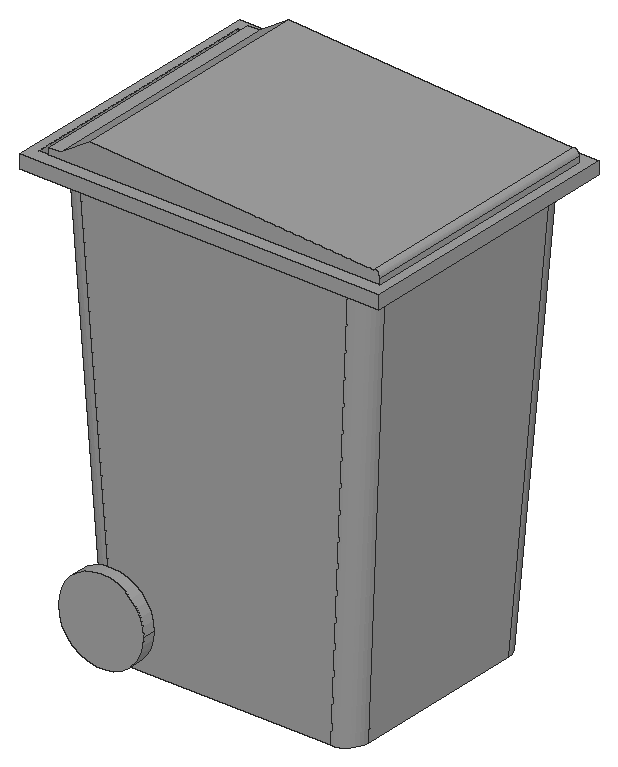
Revit family
Parameters (values of type "585 wide x 730 deep x 1100 high")
  Width = 585 mm
  Overall Height = 1100 mm
  Material Bin = Plastic - Grey Dark
  Body Height = 1010 mm
  Breadth = 730 mm
Types (3, lengths in mm): name | Width | Overall Height | Body Height | Breadth
  (no name) | 585 | 1100 | 1010 | 730
  660 wide x 875 deep x 1110 high | 660 | 1110 | 998 | 885
  585 wide x 730 deep x 1100 high | 585 | 1100 | 1010 | 730
Reference planes
  plane 1 "Center (Front/Back)": y = -52.899
  plane 2: z = 0
  plane 3 "Center (Left/Right)": x = -28.556
  plane 4: y = 239.601
  plane 5: y = -345.399
  plane 6: x = -393.556
  plane 7: x = 336.444
  plane 8: z = 1010
  plane 9: x = -416.056
  plane 10: z = 1100
  plane 11: x = -321.056
Forms (mm)
  Blend 1, solid, material "Plastic - Grey Dark" <- "Material Bin"
    base sketch origin (0, 0, 50) x (0, -1, 0) y (1, 0, 0)
      loop
        line (305.399, -293.556) -> (305.399, 213.944)
        arc (305.399, 213.944) -> (290.755, 249.3) -> (255.399, 263.944) r 50
        line (255.399, 263.944) -> (-157.101, 263.944)
        arc (-157.101, 263.944) -> (-187.153, 251.496) -> (-199.601, 221.444) r 42.5
        line (-199.601, 221.444) -> (-199.601, -293.556)
        arc (-199.601, -293.556) -> (-184.956, -328.911) -> (-149.601, -343.556) r 50
        line (-149.601, -343.556) -> (255.399, -343.556)
        arc (255.399, -343.556) -> (290.755, -328.911) -> (305.399, -293.556) r 50
    top sketch origin (0, 0, 50) x (0, -1, 0) y (1, 0, 0)
      loop
        line (345.399, -343.556) -> (345.399, 286.444)
        arc (345.399, 286.444) -> (330.755, 321.8) -> (295.399, 336.444) r 50
        line (295.399, 336.444) -> (-189.601, 336.444)
        arc (-189.601, 336.444) -> (-224.956, 321.8) -> (-239.601, 286.444) r 50
        line (-239.601, 286.444) -> (-239.601, -343.556)
        arc (-239.601, -343.556) -> (-224.956, -378.911) -> (-189.601, -393.556) r 50
        line (-189.601, -393.556) -> (295.399, -393.556)
        arc (295.399, -393.556) -> (330.755, -378.911) -> (345.399, -343.556) r 50
    from -50 to 960
  Extrusion 2, solid, material "Plastic - Grey Dark" <- "Material Bin"
    sketch origin (0, 0, 1010) x (0, -1, 0) y (-1, 0, 0)
      loop
        line (377.657, 458.556) -> (-267.343, 458.556) -> (-267.343, -386.444) -> (377.657, -386.444) -> (377.657, 458.556)
    from 0 to -30
  Extrusion 3, solid, material "Plastic - Grey Dark" <- "Material Bin"
    sketch origin (0, -52.899, 0) x (1, 0, 0) y (0, 0, 1)
      loop
        line (-416.056, 1040) -> (362.852, 1040) -> (362.852, 1051.481)
        arc (362.852, 1051.481) -> (358.732, 1061.806) -> (348.637, 1066.46) r 15
        line (348.637, 1066.46) -> (-321.056, 1100) -> (-388.056, 1055) -> (-416.056, 1055) -> (-416.056, 1040)
    from -292.5 to 292.5
  Extrusion 4, solid, material "Plastic - Grey Dark" <- "Material Bin"
    sketch origin (50, -345.399, 50) x (1, 0, 0) y (0, 0, 1)
      loop
        circle (-343.556, 50) r 100
    from 0 to -30
  Extrusion 5, solid, material "Plastic - Grey Dark" <- "Material Bin"
    sketch origin (50, 247.101, 50) x (1, 0, 0) y (0, 0, -1)
      loop
        circle (-343.556, -50) r 100
    from -7.5 to -37.5
  Extrusion 6, void
    sketch origin (2.5, 0, 1010) x (-1, 0, 0) y (0, -1, 0)
      loop
        line (443.556, -239.601) -> (443.556, 345.399) -> (418.556, 345.399) -> (418.556, -239.601) -> (443.556, -239.601)
    from -97.708 to 250
Cuts and joins
  Extrusion 6 cuts Blend 1
  Extrusion 6 cuts Extrusion 2
  Extrusion 6 cuts Extrusion 3
  Extrusion 6 cuts Extrusion 4
  Extrusion 6 cuts Extrusion 5
Dimensions and locks
  equal spacing: plane 6, plane 3 "Center (Left/Right)", plane 7
  equal spacing: plane 5, plane 1 "Center (Front/Back)", plane 4
  "Breadth": plane 6 to plane 7
  "Width": plane 5 to plane 4
  "Body Height": plane 8 to level
  "Overall Height": plane 10 to level
  locked: plane 9 to plane 6 at 22.5
  aligned and locked: Blend 1 to plane 8
  aligned and locked: Extrusion 3 to plane 4
  aligned and locked: plane 5 to Extrusion 3
  aligned and locked: Extrusion 3 sketch curve to cut or joined group of Extrusion 2, Extrusion 6
  aligned and locked: plane 11 to Extrusion 3 sketch curve
  aligned and locked: cut or joined group of Extrusion 5, Extrusion 6 to plane 4
Automatic sketch dimensions
  Extrusion 2 sketch curve to plane 4 = 27.743 mm
  plane 5 to Extrusion 2 sketch curve = 32.257 mm
  plane 6 to Extrusion 2 sketch curve = 65 mm
  Extrusion 2 sketch curve to plane 7 = 50 mm
  plane 4 to Blend 1 sketch curve = 40 mm
  Blend 1 sketch curve to Blend 1 sketch curve = 50 mm  (x4)
  Blend 1 sketch curve to plane 1 "Center (Front/Back)" = 210 mm
  Blend 1 sketch curve to plane 5 = 90 mm  (x2)
  Blend 1 sketch curve to plane 5 = 40 mm
  Blend 1 sketch curve to plane 6 = 50 mm
  plane 3 "Center (Left/Right)" to Blend 1 sketch curve = 250 mm
  Blend 1 sketch curve to plane 4 = 0 mm
  Blend 1 sketch curve to plane 6 = 0 mm
  Blend 1 sketch curve to plane 7 = 0 mm
  Blend 1 sketch curve to plane 5 = 0 mm
  plane 4 to Blend 1 sketch curve = 50 mm
  Extrusion 4 sketch curve to plane 6 = 100 mm
  Extrusion 5 sketch curve to plane 6 = 100 mm
  level to Extrusion 4 sketch curve = 100 mm
  level to Extrusion 5 sketch curve = 100 mm
  Extrusion 6 sketch curve to plane 4 = 0 mm
  Extrusion 6 sketch curve to plane 5 = 0 mm
  plane 6 to Extrusion 6 sketch curve = 22.5 mm
  Extrusion 3 sketch curve to plane 10 = 0 mm
  plane 9 to Extrusion 3 sketch curve = 0 mm
  plane 11 to Extrusion 3 sketch curve = 67 mm
  Extrusion 3 sketch curve to Extrusion 3 sketch curve = 15 mm  (x2)
  Extrusion 3 sketch curve to Extrusion 3 sketch curve = 11.481 mm
  Extrusion 3 sketch curve to plane 7 = 11.408 mm
  Extrusion 3 sketch curve to Extrusion 3 sketch curve = 0.785 mm
  Extrusion 6 sketch curve to Extrusion 6 sketch curve = 25 mm
  radius of Extrusion 4 sketch curve = 100 mm
  radius of Extrusion 5 sketch curve = 100 mm
